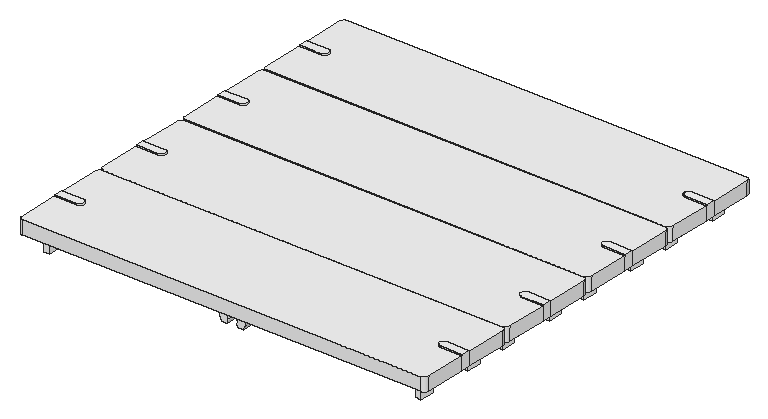
Revit family "Gira_5024126", category Electrical Fixtures, host Face, Revit 2017
Family settings
  Host = Face
  Maintain Annotation Orientation = No
  Round Connector Dimension = Use Diameter
  Part Type = Normal
  Cut with Voids When Loaded = No
  Shared = No
  Room Calculation Point = No
Parameters (values of type "rocker set 4-g PB sens.4 TS4 black alum.")
  URL = "https://www.gira.de/"
  Type Comments = ""
  Transparent = no
  Radio frequent bidirectional = no
  Model = ""
  Material quality = "Aluminium"
  Material = "Metal"
  Manufacturer = "Gira"
  Keynote = ""
  HeinzeBIM = "https://www.heinze.de/bim/rocker-set-4-g-pb-sens-4-ts4-black-alum-/e17dc3fd114d92df0c49be8e7b0332dbf4608759"
  HAN = "5024126"
  GTIN = "4010337072096"
  Description = ""
  Default Elevation = 1219.2 mm
  Cost = 0
  Colour = "Black"
  BIMSITE_PRODUCT_ID = "e17dc3fd114d92df0c49be8e7b0332dbf4608759"
  BIM = "https://media.live.bim.site/t/eyJhbGciOiJIUzI1NiIsInR5cCI6IkpXVCJ9.eyJjdCI6MSwidGYiOiJwdWJsaWMvZ2lyYS8wOWY1ZGI1LzQwXzUwMjEwMCBUUzQgV2lwcGVuc2V0IDRmYWNoLnJmYSIsImNpZCI6ImZlZDk4ZTlhLTFiZDgtNGM2OC1hNzNiLTc0YTk0ZTMxNTgyMyIsInJpZCI6IjkyZWNjYjE2MGJmNWNhMzljOWMyNzkxOGVlMjU0OTQ1IiwicGlkIjoiZTE3ZGMzZmQxMTRkOTJkZjBjNDliZThlN2IwMzMyZGJmNDYwODc1OSIsInNpZCI6IjYzNDcwIiwidXQiOjUsImxjIjoiZW4iLCJpYXQiOjE2MDc0Mzk0MzYsImlzcyI6Imh0dHBzOi8vYXBpLmxpdmUuYmltLnNpdGUiLCJzdWIiOiI4ZDNhYTVjYi1lMDY2LTQ1OTgtYmUxNi02ZTE2ZWU3NDk1NmEifQ.3HoVylbp98GA-be8jGP2xd6O7A2C-T4_zo5mwTuWwPo/40_502100 TS4 Wippenset 4fach.rfa"
  Assembly Code = ""
Reference planes
  plane 1 "Center (Front/Back)": y = 0
  plane 2: z = 0
  plane 3 "Center (Left/Right)": x = 0
Dimensions and locks
  aligned and locked: plane 2 to host face
  aligned and locked: level to host face
Nested families
  nested 1: "40_502100 TS4 Wippenset 4fach" at (0, 0, 0), type "40_502100 TS4 Wippenset 4fach"
Definition of nested family "40_502100 TS4 Wippenset 4fach"
  Parameters
    White = none
  Reference planes
    plane 1 "Center (Front/Back)": y = 0
    plane 2: z = 0
    plane 3 "Center (Left/Right)": x = 0
  Forms (mm)
    Extrusion 1, solid, material <- "White", detail levels fine
      sketch origin (0, 0, 0) x (1, 0, 0) y (0, 1, 0)
        loop
          arc (-46.5, 47.5) -> (-47.207, 47.207) -> (-47.5, 46.5) r 1
          line (-47.5, 46.5) -> (-47.5, 36.7) -> (-42.5, 36.7)
          arc (-42.5, 36.7) -> (-41.5, 35.7) -> (-42.5, 34.7) r 1
          line (-42.5, 34.7) -> (-47.5, 34.7) -> (-47.5, 24.95)
          arc (-47.5, 24.95) -> (-47.207, 24.243) -> (-46.5, 23.95) r 1
          line (-46.5, 23.95) -> (46.5, 23.95)
          arc (46.5, 23.95) -> (47.207, 24.243) -> (47.5, 24.95) r 1
          line (47.5, 24.95) -> (47.5, 34.7) -> (42.5, 34.7)
          arc (42.5, 34.7) -> (41.5, 35.7) -> (42.5, 36.7) r 1
          line (42.5, 36.7) -> (47.5, 36.7) -> (47.5, 46.5)
          arc (47.5, 46.5) -> (47.207, 47.207) -> (46.5, 47.5) r 1
          line (46.5, 47.5) -> (-46.5, 47.5)
      from 0 to 3.1
    Extrusion 2, solid, material <- "White", detail levels fine
      sketch origin (0, 0, 0) x (1, 0, 0) y (0, 1, 0)
        loop
          line (43.976, 44.188) -> (-43.976, 44.188) -> (-43.976, 27.198) -> (43.976, 27.198) -> (43.976, 44.188)
      from 0 to -1.5
    Extrusion 3, solid, detail levels fine
      sketch origin (0, 0, 0) x (1, 0, 0) y (0, 0, -1)
        loop
          line (-1.639, 4) -> (-2.5, 4) -> (-3.5, 1.5) -> (3.5, 1.5) -> (2.5, 4) -> (1.639, 4)
          arc (1.639, 4) -> (1.115, 3.694) -> (1.122, 3.087) r 0.603
          arc (1.122, 3.087) -> (-0.011, 1.666) -> (-1.122, 3.087) r 1.145
          arc (-1.122, 3.087) -> (-1.115, 3.694) -> (-1.639, 4) r 0.603
      from 41.985 to 44.199
    Extrusion 4, solid, material <- "White", detail levels medium
      sketch origin (0, 0, 0) x (1, 0, 0) y (0, 1, 0)
        loop
          line (43.976, 44.188) -> (-43.976, 44.188) -> (-43.976, 27.198) -> (43.976, 27.198) -> (43.976, 44.188)
      from 0 to -4
    Extrusion 5, solid, material <- "White", detail levels medium
      sketch origin (0, 0, 0) x (1, 0, 0) y (0, 1, 0)
        loop
          line (-47.5, 47.5) -> (-47.5, 23.95) -> (47.5, 23.95) -> (47.5, 47.5) -> (-47.5, 47.5)
      from 0 to 3.3
    Extrusion 6, solid, material <- "White", detail levels fine
      sketch origin (0, 0, 0) x (1, 0, 0) y (0, 1, 0)
        loop
          line (-43.976, 44.188) -> (-43.976, 40.908) -> (-42.655, 40.908) -> (-42.655, 44.188) -> (-43.976, 44.188)
        loop
          line (43.976, 44.188) -> (42.655, 44.188) -> (42.655, 40.908) -> (43.976, 40.908) -> (43.976, 44.188)
        loop
          line (-43.976, 27.198) -> (-42.655, 27.198) -> (-42.655, 30.479) -> (-43.976, 30.479) -> (-43.976, 27.198)
        loop
          line (43.976, 27.198) -> (43.976, 30.479) -> (42.655, 30.479) -> (42.655, 27.198) -> (43.976, 27.198)
      from 0 to -4
    Extrusion 7, solid, detail levels fine
      sketch origin (0, 35.7, 0) x (1, 0, 0) y (0, 1, 0)
        loop
          line (-47.5, 1) -> (-47.5, -1) -> (-42.5, -1)
          arc (-42.5, -1) -> (-41.5, 0) -> (-42.5, 1) r 1
          line (-42.5, 1) -> (-47.5, 1)
        loop
          line (47.5, 1) -> (42.5, 1)
          arc (42.5, 1) -> (41.5, 0) -> (42.5, -1) r 1
          line (42.5, -1) -> (47.5, -1) -> (47.5, 1)
      from 0 to 3.3
    Extrusion 8, solid, detail levels coarse
      sketch origin (0, 0, 0) x (1, 0, 0) y (0, 1, 0)
        loop
          line (-47.5, 47.5) -> (-47.5, -47.45) -> (47.5, -47.45) -> (47.5, 47.5) -> (-47.5, 47.5)
      from -4 to 3.3
    Extrusion 9, solid, material <- "White", detail levels fine
      sketch origin (0, 35.735, 0) x (1, 0, 0) y (0, 1, 0)
        loop
          line (-41.852, 6.181) -> (-43.976, 4.461) -> (-43.976, -4.461) -> (-41.852, -6.181)
          arc (-41.852, -6.181) -> (-38.884, -6.014) -> (-38.763, -3.043) r 2.212
          line (-38.763, -3.043) -> (-38.763, 3.043)
          arc (-38.763, 3.043) -> (-38.884, 6.014) -> (-41.852, 6.181) r 2.212
        loop
          arc (-39.415, 3.847) -> (-39.669, 5.38) -> (-41.223, 5.404) r 1.212
          line (-41.223, 5.404) -> (-42.938, 4.015) -> (-40.57, 1.883) -> (-39.415, 3.847)
        loop
          line (-39.415, -3.847) -> (-40.57, -1.883) -> (-42.938, -4.015) -> (-41.223, -5.404)
          arc (-41.223, -5.404) -> (-39.669, -5.38) -> (-39.415, -3.847) r 1.212
        loop
          arc (41.852, 6.181) -> (38.884, 6.014) -> (38.763, 3.043) r 2.212
          line (38.763, 3.043) -> (38.763, -3.043)
          arc (38.763, -3.043) -> (38.884, -6.014) -> (41.852, -6.181) r 2.212
          line (41.852, -6.181) -> (43.976, -4.461) -> (43.976, 4.461) -> (41.852, 6.181)
        loop
          line (39.415, 3.847) -> (40.57, 1.883) -> (42.938, 4.015) -> (41.223, 5.404)
          arc (41.223, 5.404) -> (39.669, 5.38) -> (39.415, 3.847) r 1.212
        loop
          arc (39.415, -3.847) -> (39.669, -5.38) -> (41.223, -5.404) r 1.212
          line (41.223, -5.404) -> (42.938, -4.015) -> (40.57, -1.883) -> (39.415, -3.847)
      from 0 to -3.1
    Extrusion 10, solid, material <- "White", detail levels fine
      sketch origin (0, -23.8, 0) x (1, 0, 0) y (0, 1, 0)
        loop
          arc (-46.5, 47.5) -> (-47.207, 47.207) -> (-47.5, 46.5) r 1
          line (-47.5, 46.5) -> (-47.5, 36.7) -> (-42.5, 36.7)
          arc (-42.5, 36.7) -> (-41.5, 35.7) -> (-42.5, 34.7) r 1
          line (-42.5, 34.7) -> (-47.5, 34.7) -> (-47.5, 24.95)
          arc (-47.5, 24.95) -> (-47.207, 24.243) -> (-46.5, 23.95) r 1
          line (-46.5, 23.95) -> (46.5, 23.95)
          arc (46.5, 23.95) -> (47.207, 24.243) -> (47.5, 24.95) r 1
          line (47.5, 24.95) -> (47.5, 34.7) -> (42.5, 34.7)
          arc (42.5, 34.7) -> (41.5, 35.7) -> (42.5, 36.7) r 1
          line (42.5, 36.7) -> (47.5, 36.7) -> (47.5, 46.5)
          arc (47.5, 46.5) -> (47.207, 47.207) -> (46.5, 47.5) r 1
          line (46.5, 47.5) -> (-46.5, 47.5)
      from 0 to 3.1
    Extrusion 11, solid, material <- "White", detail levels fine
      sketch origin (0, -23.8, 0) x (1, 0, 0) y (0, 1, 0)
        loop
          line (43.976, 44.188) -> (-43.976, 44.188) -> (-43.976, 27.198) -> (43.976, 27.198) -> (43.976, 44.188)
      from 0 to -1.5
    Extrusion 12, solid, detail levels fine
      sketch origin (0, -23.8, 0) x (1, 0, 0) y (0, 0, -1)
        loop
          line (-1.639, 4) -> (-2.5, 4) -> (-3.5, 1.5) -> (3.5, 1.5) -> (2.5, 4) -> (1.639, 4)
          arc (1.639, 4) -> (1.115, 3.694) -> (1.122, 3.087) r 0.603
          arc (1.122, 3.087) -> (-0.011, 1.666) -> (-1.122, 3.087) r 1.145
          arc (-1.122, 3.087) -> (-1.115, 3.694) -> (-1.639, 4) r 0.603
      from 41.985 to 44.199
    Extrusion 13, solid, material <- "White", detail levels medium
      sketch origin (0, -23.8, 0) x (1, 0, 0) y (0, 1, 0)
        loop
          line (43.976, 44.188) -> (-43.976, 44.188) -> (-43.976, 27.198) -> (43.976, 27.198) -> (43.976, 44.188)
      from 0 to -4
    Extrusion 14, solid, material <- "White", detail levels medium
      sketch origin (0, -23.8, 0) x (1, 0, 0) y (0, 1, 0)
        loop
          line (-47.5, 47.5) -> (-47.5, 23.95) -> (47.5, 23.95) -> (47.5, 47.5) -> (-47.5, 47.5)
      from 0 to 3.3
    Extrusion 15, solid, material <- "White", detail levels fine
      sketch origin (0, -23.8, 0) x (1, 0, 0) y (0, 1, 0)
        loop
          line (-43.976, 44.188) -> (-43.976, 40.908) -> (-42.655, 40.908) -> (-42.655, 44.188) -> (-43.976, 44.188)
        loop
          line (43.976, 44.188) -> (42.655, 44.188) -> (42.655, 40.908) -> (43.976, 40.908) -> (43.976, 44.188)
        loop
          line (-43.976, 27.198) -> (-42.655, 27.198) -> (-42.655, 30.479) -> (-43.976, 30.479) -> (-43.976, 27.198)
        loop
          line (43.976, 27.198) -> (43.976, 30.479) -> (42.655, 30.479) -> (42.655, 27.198) -> (43.976, 27.198)
      from 0 to -4
    Extrusion 16, solid, detail levels fine
      sketch origin (0, 11.9, 0) x (1, 0, 0) y (0, 1, 0)
        loop
          line (-47.5, 1) -> (-47.5, -1) -> (-42.5, -1)
          arc (-42.5, -1) -> (-41.5, 0) -> (-42.5, 1) r 1
          line (-42.5, 1) -> (-47.5, 1)
        loop
          line (47.5, 1) -> (42.5, 1)
          arc (42.5, 1) -> (41.5, 0) -> (42.5, -1) r 1
          line (42.5, -1) -> (47.5, -1) -> (47.5, 1)
      from 0 to 3.3
    Extrusion 17, solid, material <- "White", detail levels fine
      sketch origin (0, 11.935, 0) x (1, 0, 0) y (0, 1, 0)
        loop
          line (-41.852, 6.181) -> (-43.976, 4.461) -> (-43.976, -4.461) -> (-41.852, -6.181)
          arc (-41.852, -6.181) -> (-38.884, -6.014) -> (-38.763, -3.043) r 2.212
          line (-38.763, -3.043) -> (-38.763, 3.043)
          arc (-38.763, 3.043) -> (-38.884, 6.014) -> (-41.852, 6.181) r 2.212
        loop
          arc (-39.415, 3.847) -> (-39.669, 5.38) -> (-41.223, 5.404) r 1.212
          line (-41.223, 5.404) -> (-42.938, 4.015) -> (-40.57, 1.883) -> (-39.415, 3.847)
        loop
          line (-39.415, -3.847) -> (-40.57, -1.883) -> (-42.938, -4.015) -> (-41.223, -5.404)
          arc (-41.223, -5.404) -> (-39.669, -5.38) -> (-39.415, -3.847) r 1.212
        loop
          arc (41.852, 6.181) -> (38.884, 6.014) -> (38.763, 3.043) r 2.212
          line (38.763, 3.043) -> (38.763, -3.043)
          arc (38.763, -3.043) -> (38.884, -6.014) -> (41.852, -6.181) r 2.212
          line (41.852, -6.181) -> (43.976, -4.461) -> (43.976, 4.461) -> (41.852, 6.181)
        loop
          line (39.415, 3.847) -> (40.57, 1.883) -> (42.938, 4.015) -> (41.223, 5.404)
          arc (41.223, 5.404) -> (39.669, 5.38) -> (39.415, 3.847) r 1.212
        loop
          arc (39.415, -3.847) -> (39.669, -5.38) -> (41.223, -5.404) r 1.212
          line (41.223, -5.404) -> (42.938, -4.015) -> (40.57, -1.883) -> (39.415, -3.847)
      from 0 to -3.1
    Extrusion 18, solid, material <- "White", detail levels fine
      sketch origin (0, -47.65, 0) x (1, 0, 0) y (0, 1, 0)
        loop
          arc (-46.5, 47.5) -> (-47.207, 47.207) -> (-47.5, 46.5) r 1
          line (-47.5, 46.5) -> (-47.5, 36.7) -> (-42.5, 36.7)
          arc (-42.5, 36.7) -> (-41.5, 35.7) -> (-42.5, 34.7) r 1
          line (-42.5, 34.7) -> (-47.5, 34.7) -> (-47.5, 24.95)
          arc (-47.5, 24.95) -> (-47.207, 24.243) -> (-46.5, 23.95) r 1
          line (-46.5, 23.95) -> (46.5, 23.95)
          arc (46.5, 23.95) -> (47.207, 24.243) -> (47.5, 24.95) r 1
          line (47.5, 24.95) -> (47.5, 34.7) -> (42.5, 34.7)
          arc (42.5, 34.7) -> (41.5, 35.7) -> (42.5, 36.7) r 1
          line (42.5, 36.7) -> (47.5, 36.7) -> (47.5, 46.5)
          arc (47.5, 46.5) -> (47.207, 47.207) -> (46.5, 47.5) r 1
          line (46.5, 47.5) -> (-46.5, 47.5)
      from 0 to 3.1
    Extrusion 19, solid, material <- "White", detail levels fine
      sketch origin (0, -47.65, 0) x (1, 0, 0) y (0, 1, 0)
        loop
          line (43.976, 44.188) -> (-43.976, 44.188) -> (-43.976, 27.198) -> (43.976, 27.198) -> (43.976, 44.188)
      from 0 to -1.5
    Extrusion 20, solid, detail levels fine
      sketch origin (0, -47.65, 0) x (1, 0, 0) y (0, 0, -1)
        loop
          line (-1.639, 4) -> (-2.5, 4) -> (-3.5, 1.5) -> (3.5, 1.5) -> (2.5, 4) -> (1.639, 4)
          arc (1.639, 4) -> (1.115, 3.694) -> (1.122, 3.087) r 0.603
          arc (1.122, 3.087) -> (-0.011, 1.666) -> (-1.122, 3.087) r 1.145
          arc (-1.122, 3.087) -> (-1.115, 3.694) -> (-1.639, 4) r 0.603
      from 41.985 to 44.199
    Extrusion 21, solid, material <- "White", detail levels medium
      sketch origin (0, -47.65, 0) x (1, 0, 0) y (0, 1, 0)
        loop
          line (43.976, 44.188) -> (-43.976, 44.188) -> (-43.976, 27.198) -> (43.976, 27.198) -> (43.976, 44.188)
      from 0 to -4
    Extrusion 22, solid, material <- "White", detail levels medium
      sketch origin (0, -47.65, 0) x (1, 0, 0) y (0, 1, 0)
        loop
          line (-47.5, 47.5) -> (-47.5, 23.95) -> (47.5, 23.95) -> (47.5, 47.5) -> (-47.5, 47.5)
      from 0 to 3.3
    Extrusion 23, solid, material <- "White", detail levels fine
      sketch origin (0, -47.65, 0) x (1, 0, 0) y (0, 1, 0)
        loop
          line (-43.976, 44.188) -> (-43.976, 40.908) -> (-42.655, 40.908) -> (-42.655, 44.188) -> (-43.976, 44.188)
        loop
          line (43.976, 44.188) -> (42.655, 44.188) -> (42.655, 40.908) -> (43.976, 40.908) -> (43.976, 44.188)
        loop
          line (-43.976, 27.198) -> (-42.655, 27.198) -> (-42.655, 30.479) -> (-43.976, 30.479) -> (-43.976, 27.198)
        loop
          line (43.976, 27.198) -> (43.976, 30.479) -> (42.655, 30.479) -> (42.655, 27.198) -> (43.976, 27.198)
      from 0 to -4
    Extrusion 24, solid, detail levels fine
      sketch origin (0, -11.95, 0) x (1, 0, 0) y (0, 1, 0)
        loop
          line (-47.5, 1) -> (-47.5, -1) -> (-42.5, -1)
          arc (-42.5, -1) -> (-41.5, 0) -> (-42.5, 1) r 1
          line (-42.5, 1) -> (-47.5, 1)
        loop
          line (47.5, 1) -> (42.5, 1)
          arc (42.5, 1) -> (41.5, 0) -> (42.5, -1) r 1
          line (42.5, -1) -> (47.5, -1) -> (47.5, 1)
      from 0 to 3.3
    Extrusion 25, solid, material <- "White", detail levels fine
      sketch origin (0, -11.915, 0) x (1, 0, 0) y (0, 1, 0)
        loop
          line (-41.852, 6.181) -> (-43.976, 4.461) -> (-43.976, -4.461) -> (-41.852, -6.181)
          arc (-41.852, -6.181) -> (-38.884, -6.014) -> (-38.763, -3.043) r 2.212
          line (-38.763, -3.043) -> (-38.763, 3.043)
          arc (-38.763, 3.043) -> (-38.884, 6.014) -> (-41.852, 6.181) r 2.212
        loop
          arc (-39.415, 3.847) -> (-39.669, 5.38) -> (-41.223, 5.404) r 1.212
          line (-41.223, 5.404) -> (-42.938, 4.015) -> (-40.57, 1.883) -> (-39.415, 3.847)
        loop
          line (-39.415, -3.847) -> (-40.57, -1.883) -> (-42.938, -4.015) -> (-41.223, -5.404)
          arc (-41.223, -5.404) -> (-39.669, -5.38) -> (-39.415, -3.847) r 1.212
        loop
          arc (41.852, 6.181) -> (38.884, 6.014) -> (38.763, 3.043) r 2.212
          line (38.763, 3.043) -> (38.763, -3.043)
          arc (38.763, -3.043) -> (38.884, -6.014) -> (41.852, -6.181) r 2.212
          line (41.852, -6.181) -> (43.976, -4.461) -> (43.976, 4.461) -> (41.852, 6.181)
        loop
          line (39.415, 3.847) -> (40.57, 1.883) -> (42.938, 4.015) -> (41.223, 5.404)
          arc (41.223, 5.404) -> (39.669, 5.38) -> (39.415, 3.847) r 1.212
        loop
          arc (39.415, -3.847) -> (39.669, -5.38) -> (41.223, -5.404) r 1.212
          line (41.223, -5.404) -> (42.938, -4.015) -> (40.57, -1.883) -> (39.415, -3.847)
      from 0 to -3.1
    Extrusion 26, solid, material <- "White", detail levels fine
      sketch origin (0, -71.4, 0) x (1, 0, 0) y (0, 1, 0)
        loop
          arc (-46.5, 47.5) -> (-47.207, 47.207) -> (-47.5, 46.5) r 1
          line (-47.5, 46.5) -> (-47.5, 36.7) -> (-42.5, 36.7)
          arc (-42.5, 36.7) -> (-41.5, 35.7) -> (-42.5, 34.7) r 1
          line (-42.5, 34.7) -> (-47.5, 34.7) -> (-47.5, 24.95)
          arc (-47.5, 24.95) -> (-47.207, 24.243) -> (-46.5, 23.95) r 1
          line (-46.5, 23.95) -> (46.5, 23.95)
          arc (46.5, 23.95) -> (47.207, 24.243) -> (47.5, 24.95) r 1
          line (47.5, 24.95) -> (47.5, 34.7) -> (42.5, 34.7)
          arc (42.5, 34.7) -> (41.5, 35.7) -> (42.5, 36.7) r 1
          line (42.5, 36.7) -> (47.5, 36.7) -> (47.5, 46.5)
          arc (47.5, 46.5) -> (47.207, 47.207) -> (46.5, 47.5) r 1
          line (46.5, 47.5) -> (-46.5, 47.5)
      from 0 to 3.1
    Extrusion 27, solid, material <- "White", detail levels fine
      sketch origin (0, -71.4, 0) x (1, 0, 0) y (0, 1, 0)
        loop
          line (43.976, 44.188) -> (-43.976, 44.188) -> (-43.976, 27.198) -> (43.976, 27.198) -> (43.976, 44.188)
      from 0 to -1.5
    Extrusion 28, solid, detail levels fine
      sketch origin (0, -71.4, 0) x (1, 0, 0) y (0, 0, -1)
        loop
          line (-1.639, 4) -> (-2.5, 4) -> (-3.5, 1.5) -> (3.5, 1.5) -> (2.5, 4) -> (1.639, 4)
          arc (1.639, 4) -> (1.115, 3.694) -> (1.122, 3.087) r 0.603
          arc (1.122, 3.087) -> (-0.011, 1.666) -> (-1.122, 3.087) r 1.145
          arc (-1.122, 3.087) -> (-1.115, 3.694) -> (-1.639, 4) r 0.603
      from 41.985 to 44.199
    Extrusion 29, solid, material <- "White", detail levels medium
      sketch origin (0, -71.4, 0) x (1, 0, 0) y (0, 1, 0)
        loop
          line (43.976, 44.188) -> (-43.976, 44.188) -> (-43.976, 27.198) -> (43.976, 27.198) -> (43.976, 44.188)
      from 0 to -4
    Extrusion 30, solid, material <- "White", detail levels medium
      sketch origin (0, -71.4, 0) x (1, 0, 0) y (0, 1, 0)
        loop
          line (-47.5, 47.5) -> (-47.5, 23.95) -> (47.5, 23.95) -> (47.5, 47.5) -> (-47.5, 47.5)
      from 0 to 3.3
    Extrusion 31, solid, material <- "White", detail levels fine
      sketch origin (0, -71.4, 0) x (1, 0, 0) y (0, 1, 0)
        loop
          line (-43.976, 44.188) -> (-43.976, 40.908) -> (-42.655, 40.908) -> (-42.655, 44.188) -> (-43.976, 44.188)
        loop
          line (43.976, 44.188) -> (42.655, 44.188) -> (42.655, 40.908) -> (43.976, 40.908) -> (43.976, 44.188)
        loop
          line (-43.976, 27.198) -> (-42.655, 27.198) -> (-42.655, 30.479) -> (-43.976, 30.479) -> (-43.976, 27.198)
        loop
          line (43.976, 27.198) -> (43.976, 30.479) -> (42.655, 30.479) -> (42.655, 27.198) -> (43.976, 27.198)
      from 0 to -4
    Extrusion 32, solid, detail levels fine
      sketch origin (0, -35.7, 0) x (1, 0, 0) y (0, 1, 0)
        loop
          line (-47.5, 1) -> (-47.5, -1) -> (-42.5, -1)
          arc (-42.5, -1) -> (-41.5, 0) -> (-42.5, 1) r 1
          line (-42.5, 1) -> (-47.5, 1)
        loop
          line (47.5, 1) -> (42.5, 1)
          arc (42.5, 1) -> (41.5, 0) -> (42.5, -1) r 1
          line (42.5, -1) -> (47.5, -1) -> (47.5, 1)
      from 0 to 3.3
    Extrusion 33, solid, material <- "White", detail levels fine
      sketch origin (0, -35.665, 0) x (1, 0, 0) y (0, 1, 0)
        loop
          line (-41.852, 6.181) -> (-43.976, 4.461) -> (-43.976, -4.461) -> (-41.852, -6.181)
          arc (-41.852, -6.181) -> (-38.884, -6.014) -> (-38.763, -3.043) r 2.212
          line (-38.763, -3.043) -> (-38.763, 3.043)
          arc (-38.763, 3.043) -> (-38.884, 6.014) -> (-41.852, 6.181) r 2.212
        loop
          arc (-39.415, 3.847) -> (-39.669, 5.38) -> (-41.223, 5.404) r 1.212
          line (-41.223, 5.404) -> (-42.938, 4.015) -> (-40.57, 1.883) -> (-39.415, 3.847)
        loop
          line (-39.415, -3.847) -> (-40.57, -1.883) -> (-42.938, -4.015) -> (-41.223, -5.404)
          arc (-41.223, -5.404) -> (-39.669, -5.38) -> (-39.415, -3.847) r 1.212
        loop
          arc (41.852, 6.181) -> (38.884, 6.014) -> (38.763, 3.043) r 2.212
          line (38.763, 3.043) -> (38.763, -3.043)
          arc (38.763, -3.043) -> (38.884, -6.014) -> (41.852, -6.181) r 2.212
          line (41.852, -6.181) -> (43.976, -4.461) -> (43.976, 4.461) -> (41.852, 6.181)
        loop
          line (39.415, 3.847) -> (40.57, 1.883) -> (42.938, 4.015) -> (41.223, 5.404)
          arc (41.223, 5.404) -> (39.669, 5.38) -> (39.415, 3.847) r 1.212
        loop
          arc (39.415, -3.847) -> (39.669, -5.38) -> (41.223, -5.404) r 1.212
          line (41.223, -5.404) -> (42.938, -4.015) -> (40.57, -1.883) -> (39.415, -3.847)
      from 0 to -3.1
    Extrusion 34, solid, detail levels fine
      sketch origin (0, 71.387, 0) x (1, 0, 0) y (0, 0, 1)
        loop
          arc (-1.639, -4) -> (-1.115, -3.694) -> (-1.122, -3.087) r 0.603
          arc (-1.122, -3.087) -> (-0.011, -1.666) -> (1.122, -3.087) r 1.145
          arc (1.122, -3.087) -> (1.115, -3.694) -> (1.639, -4) r 0.603
          line (1.639, -4) -> (2.5, -4) -> (3.5, -1.5) -> (-3.5, -1.5) -> (-2.5, -4) -> (-1.639, -4)
      from 41.985 to 44.199
    Extrusion 35, solid, detail levels fine
      sketch origin (0, 47.597, 0) x (1, 0, 0) y (0, 0, 1)
        loop
          arc (-1.639, -4) -> (-1.115, -3.694) -> (-1.122, -3.087) r 0.603
          arc (-1.122, -3.087) -> (-0.011, -1.666) -> (1.122, -3.087) r 1.145
          arc (1.122, -3.087) -> (1.115, -3.694) -> (1.639, -4) r 0.603
          line (1.639, -4) -> (2.5, -4) -> (3.5, -1.5) -> (-3.5, -1.5) -> (-2.5, -4) -> (-1.639, -4)
      from 41.985 to 44.199
    Extrusion 36, solid, detail levels fine
      sketch origin (0, 23.747, 0) x (1, 0, 0) y (0, 0, 1)
        loop
          arc (-1.639, -4) -> (-1.115, -3.694) -> (-1.122, -3.087) r 0.603
          arc (-1.122, -3.087) -> (-0.011, -1.666) -> (1.122, -3.087) r 1.145
          arc (1.122, -3.087) -> (1.115, -3.694) -> (1.639, -4) r 0.603
          line (1.639, -4) -> (2.5, -4) -> (3.5, -1.5) -> (-3.5, -1.5) -> (-2.5, -4) -> (-1.639, -4)
      from 41.985 to 44.199
    Extrusion 37, solid, detail levels fine
      sketch origin (0, -0.003, 0) x (1, 0, 0) y (0, 0, 1)
        loop
          arc (-1.639, -4) -> (-1.115, -3.694) -> (-1.122, -3.087) r 0.603
          arc (-1.122, -3.087) -> (-0.011, -1.666) -> (1.122, -3.087) r 1.145
          arc (1.122, -3.087) -> (1.115, -3.694) -> (1.639, -4) r 0.603
          line (1.639, -4) -> (2.5, -4) -> (3.5, -1.5) -> (-3.5, -1.5) -> (-2.5, -4) -> (-1.639, -4)
      from 41.985 to 44.199
  Cuts and joins
    joined: Extrusion 2, Extrusion 6, Extrusion 9
  Dimensions and locks
    aligned and locked: level to plane 2
